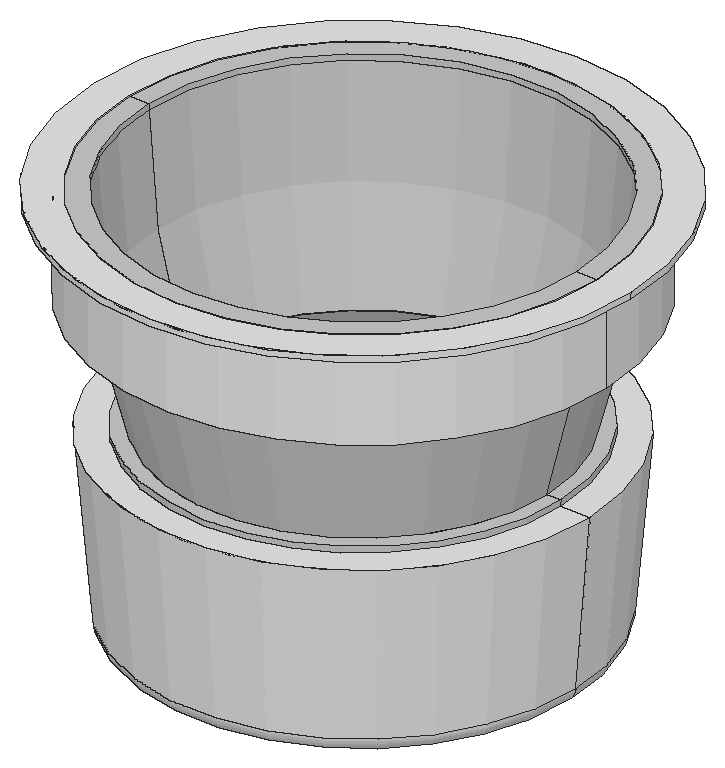
Revit family "2059343 Lighting Fixture_Sylvania_Ascent 150 II Round_Ceiling Recessed", category Lighting Fixtures, host Face, Revit 2017
Family settings
  Host = Face
  Round Connector Dimension = Use Diameter
  Part Type = Normal
  OmniClass Number = 23.80.70.11.17
  OmniClass Title = Specialized Lighting by Location or Use
  Cut with Voids When Loaded = No
  Light Source = Yes
  Shared = No
  Room Calculation Point = No
Parameters (values of type "ASCENT 150 II 1100 3K STD EM")
  Upper Body Radius = Radius - 14.5 mm  # 80.0 mm
  Upper Body Material = Metal_Sylvania_Ascent 150 II_Black
  Ring Outer Diameter = Diameter - 17.0 mm  # 172.0 mm
  Ring Inner Diameter = Ring Outer Diameter - 4.0 mm  # 168.0 mm
  Reflector Material = Metal_Sylvania_Ascent 150 II_Polished
  Recessed Depth = 142.0 mm
  Radius = Diameter / 2  # 94.5 mm
  Light Emit  Diameter = Diameter - 38.0 mm  # 151.0 mm
  LOR = "100%"  # constant formula
  Inrush Current (max. quantity per 16A C breaker) = "80"  # constant formula
  Inner Reflector Radius = Inner Radius - 19.5 mm  # 63.0 mm
  Inner Radius = Inner Diameter / 2  # 82.5 mm
  Inner Diameter = Diameter - 24.0 mm  # 165.0 mm
  IP Rating = "IP44"  # constant formula
  IK Rating = "IK02"  # constant formula
  Glow Wire Test = 650 °C  # constant formula
  Energy Class = "A++,A+,A"  # constant formula
  Weight = 1.7 kg
  Wattage = 2.86179 W
  built-in parameter 1150110 = 1 (stored number, unit not read)
  Voltage Comments = "UNV (Universal Voltage; 220-240 Volt)"  # constant formula
  Voltage = 230 V  # constant formula
  URL = "https://www.sylvania-lighting.com"
  built-in parameter 1114217 = 1 (stored number, unit not read)
  Tilt Angle = -90°
  built-in parameter 1150109 = 1 (stored number, unit not read)
  built-in parameter 1150134 = (empty or 0)
  built-in parameter 1150113 = 1 (stored number, unit not read)
  Product Page URL = "https://www.sylvania-lighting.com/product/en-int/products/2059343"
  Product Family = "ASCENT 150 II ROUND"  # constant formula
  Photometry Comments = ""
  Photometric Web File = "2059343_ASCENT150II11003KDALIEM-206268.ies"
  Life = "50 000 h"  # constant formula
  Emit from Circle Diameter = Light Emit  Diameter  # 151.0 mm
  Emit Shape Visible in Rendering = no
  Emergency duration (h) = "N/A"
  Electrical Protection = "Class II"  # constant formula
  Drive Current = "350mA"  # constant formula
  Distribution type = "Direct"  # constant formula
  Diffuser Material = Glass_Sylvania_Ascent 150 II_Clear_3000K
  Diameter = 189.0 mm
  Cutout Diameter = Diameter - 13.0 mm  # 176.0 mm
  Colour consistency (SDCM) = "3 step"  # constant formula
  built-in parameter 1114216 [instance] = 1 (stored number, unit not read)
  Model = "ASCENT 150 II 1100 3K DALI EM"
  Manufacturer = "Feilo Sylvania"
  built-in parameter 1150105 = 215.15 (stored number, unit not read)
  Lumens = 352 lm
  built-in parameter 1150115 = 1 (stored number, unit not read)
  built-in parameter 1150137 = (empty or 0)
  built-in parameter 1150139 = (empty or 0)
  built-in parameter 1150112 = 1 (stored number, unit not read)
  built-in parameter 1150114 = 1 (stored number, unit not read)
  Lamp Comments = "Integrated LED"  # constant formula
  Lamp = "LED"  # constant formula
  built-in parameter 1150132 = 2
  built-in parameter 1150102 = (empty or 0)
  built-in parameter 1150107 = 3000 (stored number, unit not read)
  built-in parameter 1150138 = (empty or 0)
  built-in parameter 1150106 = 2.1515 (stored number, unit not read)
  built-in parameter 1150104 = 11.427 (stored number, unit not read)
  Dimming Lamp Color Temperature Shift = <None>
  Description = "A very high efficient round downlight up to 127lm/W Long life >50,000hrs 4,000K and 3,000K CCT and CRI Ra85 IP44 rated for wet areas and bathrooms UGR <19 version for offices to comply with EN12464-1 Wide selection of decorative accessories"  # constant formula
  Default Elevation = 0.0 mm
  Color Filter = 16777215
  Catalog Number = "2059343 ASCENT 150 II 1100 3K DALI EM"
  built-in parameter 1140040 [instance] = 1
  CRI (Ra) = ">80"  # constant formula
  built-in parameter 1114218 = 1 (stored number, unit not read)
  built-in parameter 1150133 = 10 (stored number, unit not read)
  Assembly Code = "D5020200"
  Apparent Load Comments = ""
  Apparent Load = 14 VA
  Accessory Material = Aluminum_Sylvania_Ascent 150 II_White
Reference planes
  plane 1 "Center (Front/Back)": y = 0
  plane 2: z = 0
  plane 3 "Center (Left/Right)": x = 0
  plane 4: z = 2
  plane 5: z = -74
  plane 6 "Fixture Top": z = -140
  plane 7: z = -31
  plane 8: z = -72
  plane 9: z = -62.037
Forms (mm)
  Extrusion 1, solid, material "Aluminum_Sylvania_Ascent 150 II_White" <- "Accessory Material", detail levels fine
    sketch origin (0, 0, 0) x (1, 0, 0) y (0, 1, 0)
      loop
        circle (0, 0) r 94.5
      loop
        circle (0, 0) r 82.5
    from 0 to 2
  Extrusion 2, void
    sketch origin (0, 0, 0) x (1, 0, 0) y (0, 1, 0)
      loop
        circle (0, 0) r 88
    from -140 to 2
  Revolve 3, solid, material "Metal_Sylvania_Ascent 150 II_Polished" <- "Reflector Material", detail levels fine
    sketch origin (0, 0, 0) x (1, 0, 0) y (0, 0, 1)
      loop
        line (-82.5, 0) -> (-77.5, 0)
        arc (-77.5, 0) -> (-74.352, -36.539) -> (-65, -72) r 213.61
        line (-65, -72) -> (-70, -72) -> (-70, -74) -> (0, -74) -> (0, -72) -> (-63, -72)
        arc (-63, -72) -> (-72.352, -36.539) -> (-75.5, 0) r 213.61
        line (-75.5, 0) -> (-75.5, 2) -> (-82.5, 2) -> (-82.5, 0)
      axis (0, 2) -> (0, -74)
    angle from 0 to 360
  Extrusion 4, solid, material "Aluminum_Sylvania_Ascent 150 II_White" <- "Accessory Material", detail levels fine
    sketch origin (0, 0, 0) x (1, 0, 0) y (0, 1, 0)
      loop
        circle (0, 0) r 86
      loop
        circle (0, 0) r 84
    from -31 to 0
  Revolve 5, solid, material "Glass_Sylvania_Ascent 150 II_Clear_3000K" <- "Diffuser Material", detail levels fine
    sketch origin (0, 0, 0) x (1, 0, 0) y (0, 0, 1)
      loop
        line (-63, -72) -> (0, -72) -> (0, -62.037)
        arc (0, -62.037) -> (-31.891, -64.543) -> (-63, -72) r 204.163
      axis (0, -62.037) -> (0, -72)
    angle from 0 to 360
  Revolve 6, solid, material "Metal_Sylvania_Ascent 150 II_Black" <- "Upper Body Material", detail levels fine
    sketch origin (0, 0, 0) x (1, 0, 0) y (0, 0, 1)
      loop
        line (0, -74) -> (-80, -74) -> (-75.107, -129.929)
        arc (-75.107, -129.929) -> (-73.452, -133.536) -> (-69.924, -135.353) r 6.079
        arc (-69.924, -135.353) -> (-35.039, -138.837) -> (0, -140) r 528.435
        line (0, -140) -> (0, -74)
      axis (0, -74) -> (0, -140)
    angle from 0 to 360
  Revolve 7, solid, material "Aluminum_Sylvania_Ascent 150 II_White" <- "Accessory Material", detail levels coarse+medium
    sketch origin (0, 0, 0) x (1, 0, 0) y (0, 0, 1)
      loop
        arc (-69.924, -135.353) -> (-35.039, -138.837) -> (0, -140) r 528.435
        line (0, -140) -> (0, 2) -> (-94.5, 2) -> (-94.5, 0) -> (-86, 0) -> (-86, -31)
        arc (-86, -31) -> (-84.493, -52.708) -> (-80, -74) r 157.083
        line (-80, -74) -> (-75.107, -129.929)
        arc (-75.107, -129.929) -> (-73.452, -133.536) -> (-69.924, -135.353) r 6.079
      axis (0, 2) -> (0, -140)
    angle from 0 to 360
Cuts and joins
  joined: Extrusion 1, Extrusion 4
Lines and regions (mm)
  Masking region 1
    outline origin (0, 0, 0) x (1, 0, 0) y (0, 1, 0)
      loop
        circle (0, 0) r 94.5
  symbolic lines, detail levels fine
    curve 1: arc (-75.5, 0, 0) -> (0, 75.5, 0) -> (75.5, 0, 0) r 75.5
    curve 2: arc (75.5, 0, 0) -> (0, -75.5, 0) -> (-75.5, 0, 0) r 75.5
Dimensions and locks
  plane 4 to plane 2 to plane 7 to plane 9 to plane 8 to plane 5 = 2.0 mm locked, 31.0 mm locked, 31.037 mm locked, 9.963 mm locked, 2.0 mm locked
  "Inner Radius": plane 3 "Center (Left/Right)" to Revolve 3 sketch curve
  locked: Revolve 3 sketch curve to Revolve 3 sketch curve at 7
  Revolve 3 sketch curve to Revolve 3 sketch curve to Revolve 3 sketch curve to Revolve 3 sketch curve = 2.0 mm locked, 5.0 mm locked, 12.5 mm locked
  "Inner Reflector Radius": Revolve 5 sketch curve to imposter light
  Revolve 6 sketch curve to Revolve 6 sketch curve to plane 6 "Fixture Top" = 5.424 mm locked, 4.647 mm locked
  "Recessed Depth": plane 4 to plane 6 "Fixture Top"
  "Upper Body Radius": plane 3 "Center (Left/Right)" to Revolve 6 sketch curve
  Revolve 6 sketch curve to Revolve 6 sketch curve to Revolve 6 sketch curve = 4.893 mm locked, 5.183 mm locked
  Revolve 7 sketch curve to Revolve 7 sketch curve to plane 6 "Fixture Top" = 5.424 mm locked, 4.647 mm locked
  Revolve 7 sketch curve to Revolve 7 sketch curve to Revolve 7 sketch curve to Revolve 7 sketch curve to Revolve 7 sketch curve = 8.5 mm locked, 6.0 mm locked, 4.893 mm locked, 5.183 mm locked
  "Radius": plane 3 "Center (Left/Right)" to Revolve 7 sketch curve
  "Diameter": diameter of Extrusion 1 sketch curve
  "Inner Diameter": diameter of Extrusion 1 sketch curve
  "Cutout Diameter": diameter of Extrusion 2 sketch curve
  "Ring Outer Diameter": diameter of Extrusion 4 sketch curve
  "Ring Inner Diameter": diameter of Extrusion 4 sketch curve
  aligned and locked: plane 2 to host face
  aligned and locked: level to host face
  aligned and locked: imposter light to plane 3 "Center (Left/Right)"
  aligned and locked: imposter light to plane 1 "Center (Front/Back)"
  aligned and locked: Extrusion 1 to plane 2
  aligned and locked: plane 4 to Extrusion 1
  aligned and locked: imposter light to plane 4
  aligned and locked: imposter light to Revolve 3 sketch curve
  aligned and locked: Revolve 3 sketch curve to imposter light
  aligned and locked: Revolve 3 sketch curve to plane 2
  aligned and locked: Revolve 3 sketch curve to Revolve 3 sketch curve
  aligned and locked: plane 5 to Revolve 3 sketch curve
  aligned and locked: Extrusion 4 to plane 7
  aligned and locked: Revolve 3 sketch curve to plane 8
  aligned and locked: Revolve 5 sketch curve to plane 8
  aligned and locked: imposter light to Revolve 5 sketch curve  (x2)
  aligned and locked: imposter light to Revolve 6 sketch curve  (x2)
  aligned and locked: plane 5 to Revolve 6 sketch curve
  aligned and locked: plane 6 "Fixture Top" to Revolve 6 sketch curve
  aligned and locked: Revolve 7 sketch curve to plane 2
  aligned and locked: plane 4 to Revolve 7 sketch curve
  aligned and locked: plane 7 to Revolve 7 sketch curve
  aligned and locked: imposter light to Extrusion 2
  aligned and locked: Extrusion 2 to plane 6 "Fixture Top"
  aligned and locked: Masking region 1 sketch curve to Revolve 7  (x2)
  aligned and locked: curve 1 to Revolve 3
  aligned and locked: curve 2 to Revolve 3
Automatic sketch dimensions
  host sketch curve to host sketch curve = 1040.406 mm
  host sketch curve to host sketch curve = 988.385 mm
  Extrusion 1 sketch curve to Extrusion 1 sketch curve = 0.0 mm  (x2)
  plane 1 "Center (Front/Back)" to Extrusion 1 sketch curve = 0.0 mm
  Extrusion 1 sketch curve to plane 3 "Center (Left/Right)" = 0.0 mm
  plane 1 "Center (Front/Back)" to Extrusion 2 sketch curve = 0.0 mm
  Extrusion 2 sketch curve to plane 3 "Center (Left/Right)" = 0.0 mm
  Revolve 3 sketch curve to plane 3 "Center (Left/Right)" = 0.0 mm
  Revolve 3 sketch curve to level = 0.0 mm
  Revolve 3 sketch curve to Revolve 3 sketch curve = 2.0 mm
  Revolve 3 sketch curve to plane 5 = 27.065 mm
  plane 4 to Revolve 3 sketch curve = 16.525 mm
  Extrusion 4 sketch curve to Extrusion 4 sketch curve = 0.0 mm  (x2)
  plane 1 "Center (Front/Back)" to Extrusion 4 sketch curve = 0.0 mm
  Extrusion 4 sketch curve to plane 3 "Center (Left/Right)" = 0.0 mm
  Revolve 5 sketch curve to plane 9 = 0.0 mm
  Revolve 5 sketch curve to plane 5 = 17.158 mm
  Revolve 5 sketch curve to plane 7 = 15.158 mm
  Revolve 6 sketch curve to plane 7 = 0.0 mm
  Revolve 6 sketch curve to Revolve 6 sketch curve = 6.05 mm
  Revolve 6 sketch curve to plane 6 "Fixture Top" = 26.0 mm
  Revolve 7 sketch curve to plane 3 "Center (Left/Right)" = 0.0 mm  (x2)
  Revolve 7 sketch curve to plane 6 "Fixture Top" = 0.0 mm
  Revolve 7 sketch curve to plane 5 = 0.0 mm
  Revolve 7 sketch curve to plane 7 = 0.0 mm
  Revolve 7 sketch curve to Revolve 7 sketch curve = 0.866 mm
  Revolve 7 sketch curve to Revolve 7 sketch curve = 26.0 mm
Connectors
  electrical at (0, 0, -140), driven by "Apparent Load", driven by "Voltage"
    settings: index 1, voltage 230 V, apparent load 0 VA, apparent load phase1 14 VA, apparent load phase2 0 VA, apparent load phase3 0 VA, power factor 1, load classification "Lighting", number of poles 1, system type 31, power factor state 1, is connector primary yes, connector utility no, sub classification motor no, connector description ""
